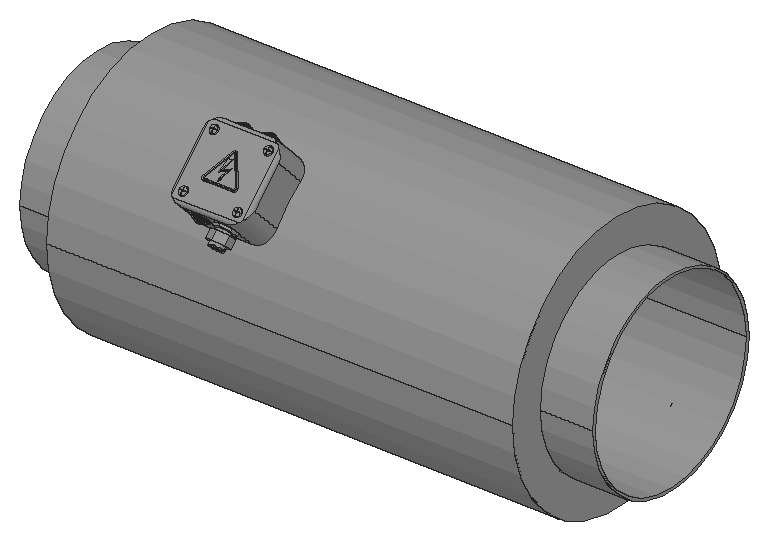
Revit family "Буст-I_ЕС_Eng", category Mechanical Equipment, Revit 2021
Family settings
  Round Connector Dimension = Use Diameter
  Classification = None
  Part Type = Normal
  Work Plane-Based = No
  Always vertical = Yes
  Cut with Voids When Loaded = No
  Shared = No
  Room Calculation Point = No
Parameters (values of type "Boost-I 250")
  Width = b + D1 / 2  # 389 mm
  Weight = 9.50 kg
  Voltage = 230 V
  Sound pressure level at 3 m distance = "45 dBA"
  Pressure_Static_Air [instance] = 0.0 Pa
  Power = 188 W
  Number of Fase = 1
  Maximum Air Flow = 1670.0 m³/h
  Load Classification = "HVAC"
  Length = L  # 739 mm
  Height = D1  # 337 mm
  Frequency = 50 Hz  # constant formula
  Diameter = D  # 250 mm
  Default Elevation = 0 mm
  Manufacturer = "Vents"  # constant formula
  d1 = D1 / 2 - 11 mm  # 157.5 mm
  b = B - D1 / 2  # 220.5 mm
  Maintenance zone material = none
  URL = "https://ventilation-system.com/series/boost-i"
  L1 = 601 mm  # constant formula
  L = 739 mm  # constant formula
  Dy = D - 5 mm  # 245 mm
  D1 = 337 mm
  Casing Material = Steel, galvanized
  D = 250 mm
  B = 389 mm
  Apparent Load = Amperage * Voltage  # 193.2 VA
  Amperage = 0.84 A
  Air Flow [instance] = 0.0 m³/h
  09_System_Name [instance] = ""
  00_20_Type = "Boost-I 250"
  00_20_Name = "Sound-insulated fan"  # constant formula
  00_20_Manufacturer = "Vents"  # constant formula
Types (9, lengths in mm): name | Width | Weight | Sound pressure level at 3 m distance | Power | Maximum Air Flow | Height | Diameter | d1 | b | URL | Dy | D1 | D | B | Apparent Load | Amperage | 00_20_Type
  (no name) | 389 | 9.50 kg | "45 dBA" | 188 W | 1670.0 m³/h | 337 | 250 | 157.5 | 220.5 | "https://ventilation-system.com/series/boost-i" | 245 | 337 | 250 | 389 | 193.2 VA | 0.84 A | "Boost-I 250"
  Boost-I 150 | 292 | 8.20 kg | "44 dBA" | 113 W | 1110.0 m³/h | 242 | 150 | 110 | 171 | "https://ventilation-system.com/series/boost-i" | 145 | 242 | 150 | 292 | 117.3 VA | 0.51 A | "Boost-I 150"
  Boost-I 315 | 449 | 9.50 kg | "45 dBA" | 188 W | 1670.0 m³/h | 397 | 315 | 187.5 | 250.5 | "https://ventilation-system.com/series/boost-i" | 310 | 397 | 315 | 449 | 193.2 VA | 0.84 A | "Boost-I 315"
  Boost-I 200 | 339 | 8.20 kg | "44 dBA" | 113 W | 1110.0 m³/h | 281 | 200 | 129.5 | 198.5 | "https://ventilation-system.com/series/boost-i" | 195 | 281 | 200 | 339 | 117.3 VA | 0.51 A | "Boost-I 200"
  Boost-I 250 | 389 | 9.50 kg | "45 dBA" | 188 W | 1670.0 m³/h | 337 | 250 | 157.5 | 220.5 | "https://ventilation-system.com/series/boost-i" | 245 | 337 | 250 | 389 | 193.2 VA | 0.84 A | "Boost-I 250"
  Boost-I 150 ЕС | 292 | 8.20 kg | "47 dBA" | 121 W | 1210.0 m³/h | 242 | 150 | 110 | 171 | "https://ventilation-system.com/series/boost-i-ec" | 145 | 242 | 150 | 292 | 220.8 VA | 0.96 A | "Boost-I 150 ЕС"
  Boost-I 200 ЕС | 339 | 8.20 kg | "47 dBA" | 121 W | 1210.0 m³/h | 281 | 200 | 129.5 | 198.5 | "https://ventilation-system.com/series/boost-i-ec" | 195 | 281 | 200 | 339 | 220.8 VA | 0.96 A | "Boost-I 200 ЕС"
  Boost-I 250 ЕС | 389 | 9.50 kg | "48 dBA" | 168 W | 1750.0 m³/h | 337 | 250 | 157.5 | 220.5 | "https://ventilation-system.com/series/boost-i-ec" | 245 | 337 | 250 | 389 | 308.2 VA | 1.34 A | "Boost-I 250 ЕС"
  Boost-I 315 ЕС | 449 | 9.50 kg | "45 dBA" | 168 W | 1750.0 m³/h | 397 | 315 | 187.5 | 250.5 | "https://ventilation-system.com/series/boost-i-ec" | 310 | 397 | 315 | 449 | 308.2 VA | 1.34 A | "Boost-I 315 ЕС"
Reference planes
  plane 1 "По центру (Вперед/Назад)": y = 0
  plane 2: z = 0
  plane 3 "По центру (Влево/Вправо)": x = 0
Forms (mm)
  Extrusion 1, solid, material "Steel, galvanized" <- "Casing Material"
    sketch origin (0, 0, 0) x (0, 1, 0) y (0, 0, 1)
      loop
        circle (0, 0) r 125
      loop
        circle (0, 0) r 122.5
    from -369.5 to 369.5
  Extrusion 2, solid, material "Steel, galvanized" <- "Casing Material"
    sketch origin (0, 0, 0) x (0, 1, 0) y (0, 0, 1)
      loop
        circle (0, 0) r 125
      loop
        circle (0, 0) r 168.5
    from -300.5 to 300.5
Dimensions and locks
  equal spacing: Extrusion 1, plane 3 "По центру (Влево/Вправо)", Extrusion 1
  "L": Extrusion 1 to Extrusion 1
  equal spacing: Extrusion 2, plane 3 "По центру (Влево/Вправо)", Extrusion 2
  "L1": Extrusion 2 to Extrusion 2
  locked: nested 2 to plane 3 "По центру (Влево/Вправо)" at 80
  "b": nested 2 to plane 1 "По центру (Вперед/Назад)"
  "D": diameter of Extrusion 1 sketch curve
  "Dy": diameter of Extrusion 1 sketch curve
  "D": diameter of Extrusion 2 sketch curve
  "D1": diameter of Extrusion 2 sketch curve
  aligned and locked: level to plane 2
  aligned and locked: nested 1 to plane 3 "По центру (Влево/Вправо)"
  aligned and locked: level to nested 1
  aligned and locked: plane 1 "По центру (Вперед/Назад)" to nested 1
Automatic sketch dimensions
  Extrusion 1 sketch curve to Extrusion 1 sketch curve = 0 mm  (x2)
  Extrusion 1 sketch curve to level = 0 mm
  Extrusion 1 sketch curve to plane 1 "По центру (Вперед/Назад)" = 0 mm
  Extrusion 2 sketch curve to Extrusion 2 sketch curve = 0 mm  (x2)
  Extrusion 2 sketch curve to level = 0 mm
  Extrusion 2 sketch curve to plane 1 "По центру (Вперед/Назад)" = 0 mm
Nested families
  nested 1: "Fan" at (0, 0, 0) x (0, 0, 1) z (-1, 0, 0), type "Fan"
    with r1 38.833 mm, r 40.833 mm, n 19, R 122.5 mm, Dy 245 mm
  nested 2: "Electrical box" at (-80, -124.756, 124.853) x (1, 0, 0) z (0, -0.7071, 0.7071), type "100х100"
Connectors
  hvac at (369.5, 0, 0), driven by "D"
    settings: on Extrusion 1, index 1, duct flow 0.0 m³/h, flow factor 0, pres drop 0.0 Pa, loss coef 0, conn angle 0.00°, conn width 304.8 mm, conn height 304.8 mm, conn diameter 250 mm, duct sys type 1, conn prof type 0, flow config 0, flow direction 2, loss method 0, conn ref index -1, conn util no, is conn primary yes, conn desc ""
  hvac at (-369.5, 0, 0), driven by "D"
    settings: on Extrusion 1, index 2, duct flow 0.0 m³/h, flow factor 0, pres drop 0.0 Pa, loss coef 0, conn angle 0.00°, conn width 304.8 mm, conn height 304.8 mm, conn diameter 250 mm, duct sys type 1, conn prof type 0, flow config 0, flow direction 1, loss method 0, conn ref index -1, conn util no, is conn primary no, conn desc ""
  electrical at (-63.333, -104.603, 175.411), driven by "Voltage", driven by "Apparent Load"
    settings: on nested 2, index 3, voltage 230 V, apparent load 0 VA, apparent load phase1 193.2 VA, apparent load phase2 0 VA, apparent load phase3 0 VA, power factor 1, load classification "Мощность", number of poles 1, system type 31, power factor state 1, is connector primary yes, connector utility no, sub classification motor no, connector description ""
Definition of nested family "Fan"
  Parameters (values of type "Вентилятор")
    Default Elevation = 0 mm
    r1 = r - 2 mm  # 22.167 mm
    r = Dy / 6  # 24.167 mm
    n = Dy / 13 mm  # 11
    R = Dy / 2  # 72.5 mm
    Dy = 145 mm
  Reference planes
    plane 1 "По центру (Вперед/Назад)": y = 0
    plane 2: z = 0
    plane 3 "По центру (Влево/Вправо)": x = 0
  Forms (mm)
    Extrusion 1, solid
      sketch origin (5, 0, 0) x (1, 0, 0) y (0, 0, 1)
        loop
          arc (-1.417, 0) -> (-5.784, 15.673) -> (-3.327, 31.756) r 38.725
          arc (-3.327, 31.756) -> (-13.26, 17.281) -> (-10.167, 0) r 23.13
          line (-10.167, 0) -> (-1.417, 0)
      from 22.167 <- "r1" to 72.5 <- "R"
    Extrusion 2, solid
      sketch origin (4.206, -2.703, 0) x (0.841254, -0.540641, 0) y (0, 0, 1)
        loop
          arc (-1.417, 0) -> (-5.784, 15.673) -> (-3.327, 31.756) r 38.725
          arc (-3.327, 31.756) -> (-13.26, 17.281) -> (-10.167, 0) r 23.13
          line (-10.167, 0) -> (-1.417, 0)
      from 22.167 <- "r1" to 72.5 <- "R"
    Extrusion 3, solid
      sketch origin (4.206, 2.703, 0) x (0.841254, 0.540641, 0) y (0, 0, 1)
        loop
          arc (-1.417, 0) -> (-5.784, 15.673) -> (-3.327, 31.756) r 38.725
          arc (-3.327, 31.756) -> (-13.26, 17.281) -> (-10.167, 0) r 23.13
          line (-10.167, 0) -> (-1.417, 0)
      from 22.167 <- "r1" to 72.5 <- "R"
    Extrusion 4, solid
      sketch origin (2.077, 4.548, 0) x (0.415415, 0.909632, 0) y (0, 0, 1)
        loop
          arc (-1.417, 0) -> (-5.784, 15.673) -> (-3.327, 31.756) r 38.725
          arc (-3.327, 31.756) -> (-13.26, 17.281) -> (-10.167, 0) r 23.13
          line (-10.167, 0) -> (-1.417, 0)
      from 22.167 <- "r1" to 72.5 <- "R"
    Extrusion 5, solid
      sketch origin (-0.712, 4.949, 0) x (-0.142315, 0.989821, 0) y (0, 0, 1)
        loop
          arc (-1.417, 0) -> (-5.784, 15.673) -> (-3.327, 31.756) r 38.725
          arc (-3.327, 31.756) -> (-13.26, 17.281) -> (-10.167, 0) r 23.13
          line (-10.167, 0) -> (-1.417, 0)
      from 22.167 <- "r1" to 72.5 <- "R"
    Extrusion 6, solid
      sketch origin (-3.274, 3.779, 0) x (-0.654861, 0.75575, 0) y (0, 0, 1)
        loop
          arc (-1.417, 0) -> (-5.784, 15.673) -> (-3.327, 31.756) r 38.725
          arc (-3.327, 31.756) -> (-13.26, 17.281) -> (-10.167, 0) r 23.13
          line (-10.167, 0) -> (-1.417, 0)
      from 22.167 <- "r1" to 72.5 <- "R"
    Extrusion 7, solid
      sketch origin (-4.797, 1.409, 0) x (-0.959493, 0.281733, 0) y (0, 0, 1)
        loop
          arc (-1.417, 0) -> (-5.784, 15.673) -> (-3.327, 31.756) r 38.725
          arc (-3.327, 31.756) -> (-13.26, 17.281) -> (-10.167, 0) r 23.13
          line (-10.167, 0) -> (-1.417, 0)
      from 22.167 <- "r1" to 72.5 <- "R"
    Extrusion 8, solid
      sketch origin (-4.797, -1.409, 0) x (-0.959493, -0.281733, 0) y (0, 0, 1)
        loop
          arc (-1.417, 0) -> (-5.784, 15.673) -> (-3.327, 31.756) r 38.725
          arc (-3.327, 31.756) -> (-13.26, 17.281) -> (-10.167, 0) r 23.13
          line (-10.167, 0) -> (-1.417, 0)
      from 22.167 <- "r1" to 72.5 <- "R"
    Revolve 9, solid
      sketch origin (0, 0, 0) x (1, 0, 0) y (0, 0, 1)
        loop
          line (0, 0) -> (24.167, 0) -> (24.167, 39.154)
          arc (24.167, 39.154) -> (12.314, 42.585) -> (0, 43.38) r 56.926
          line (0, 43.38) -> (0, 0)
        axis (0, 43.38) -> (0, 0)
      angle from 0 to 360
    Extrusion 10, solid
      sketch origin (-3.274, -3.779, 0) x (-0.654861, -0.75575, 0) y (0, 0, 1)
        loop
          arc (-1.417, 0) -> (-5.784, 15.673) -> (-3.327, 31.756) r 38.725
          arc (-3.327, 31.756) -> (-13.26, 17.281) -> (-10.167, 0) r 23.13
          line (-10.167, 0) -> (-1.417, 0)
      from 22.167 <- "r1" to 72.5 <- "R"
    Extrusion 11, solid
      sketch origin (-0.712, -4.949, 0) x (-0.142315, -0.989821, 0) y (0, 0, 1)
        loop
          arc (-1.417, 0) -> (-5.784, 15.673) -> (-3.327, 31.756) r 38.725
          arc (-3.327, 31.756) -> (-13.26, 17.281) -> (-10.167, 0) r 23.13
          line (-10.167, 0) -> (-1.417, 0)
      from 22.167 <- "r1" to 72.5 <- "R"
    Extrusion 12, solid
      sketch origin (2.077, -4.548, 0) x (0.415415, -0.909632, 0) y (0, 0, 1)
        loop
          arc (-1.417, 0) -> (-5.784, 15.673) -> (-3.327, 31.756) r 38.725
          arc (-3.327, 31.756) -> (-13.26, 17.281) -> (-10.167, 0) r 23.13
          line (-10.167, 0) -> (-1.417, 0)
      from 22.167 <- "r1" to 72.5 <- "R"
  Dimensions and locks
    "r": Revolve 9 sketch curve to plane 3 "По центру (Влево/Вправо)"
    aligned and locked: level to plane 2
  Automatic sketch dimensions
    Extrusion 1 sketch curve to Extrusion 1 sketch curve = 8.75 mm
    Extrusion 1 sketch curve to Extrusion 1 sketch curve = 10.768 mm
    Extrusion 1 sketch curve to Extrusion 1 sketch curve = 23.52 mm
    Extrusion 1 sketch curve to Extrusion 1 sketch curve = 12.411 mm
    Extrusion 1 sketch curve to Extrusion 1 sketch curve = 5.588 mm
    Extrusion 2 sketch curve to Extrusion 2 sketch curve = 8.75 mm
    Extrusion 2 sketch curve to Extrusion 2 sketch curve = 10.768 mm
    Extrusion 2 sketch curve to Extrusion 2 sketch curve = 23.52 mm
    Extrusion 2 sketch curve to Extrusion 2 sketch curve = 12.411 mm
    Extrusion 2 sketch curve to Extrusion 2 sketch curve = 5.588 mm
    Extrusion 3 sketch curve to Extrusion 3 sketch curve = 8.75 mm
    Extrusion 3 sketch curve to Extrusion 3 sketch curve = 10.768 mm
    Extrusion 3 sketch curve to Extrusion 3 sketch curve = 23.52 mm
    Extrusion 3 sketch curve to Extrusion 3 sketch curve = 12.411 mm
    Extrusion 3 sketch curve to Extrusion 3 sketch curve = 5.588 mm
    Extrusion 4 sketch curve to Extrusion 4 sketch curve = 8.75 mm
    Extrusion 4 sketch curve to Extrusion 4 sketch curve = 10.768 mm
    Extrusion 4 sketch curve to Extrusion 4 sketch curve = 23.52 mm
    Extrusion 4 sketch curve to Extrusion 4 sketch curve = 12.411 mm
    Extrusion 4 sketch curve to Extrusion 4 sketch curve = 5.588 mm
    Extrusion 5 sketch curve to Extrusion 5 sketch curve = 8.75 mm
    Extrusion 5 sketch curve to Extrusion 5 sketch curve = 10.768 mm
    Extrusion 5 sketch curve to Extrusion 5 sketch curve = 23.52 mm
    Extrusion 5 sketch curve to Extrusion 5 sketch curve = 12.411 mm
    Extrusion 5 sketch curve to Extrusion 5 sketch curve = 5.588 mm
    Extrusion 6 sketch curve to Extrusion 6 sketch curve = 8.75 mm
    Extrusion 6 sketch curve to Extrusion 6 sketch curve = 10.768 mm
    Extrusion 6 sketch curve to Extrusion 6 sketch curve = 23.52 mm
    Extrusion 6 sketch curve to Extrusion 6 sketch curve = 12.411 mm
    Extrusion 6 sketch curve to Extrusion 6 sketch curve = 5.588 mm
    Extrusion 7 sketch curve to Extrusion 7 sketch curve = 8.75 mm
    Extrusion 7 sketch curve to Extrusion 7 sketch curve = 10.768 mm
    Extrusion 7 sketch curve to Extrusion 7 sketch curve = 23.52 mm
    Extrusion 7 sketch curve to Extrusion 7 sketch curve = 12.411 mm
    Extrusion 7 sketch curve to Extrusion 7 sketch curve = 5.588 mm
    Extrusion 8 sketch curve to Extrusion 8 sketch curve = 8.75 mm
    Extrusion 8 sketch curve to Extrusion 8 sketch curve = 10.768 mm
    Extrusion 8 sketch curve to Extrusion 8 sketch curve = 23.52 mm
    Extrusion 8 sketch curve to Extrusion 8 sketch curve = 12.411 mm
    Extrusion 8 sketch curve to Extrusion 8 sketch curve = 5.588 mm
    Extrusion 10 sketch curve to Extrusion 10 sketch curve = 8.75 mm
    Extrusion 10 sketch curve to Extrusion 10 sketch curve = 10.768 mm
    Extrusion 10 sketch curve to Extrusion 10 sketch curve = 23.52 mm
    Extrusion 10 sketch curve to Extrusion 10 sketch curve = 12.411 mm
    Extrusion 10 sketch curve to Extrusion 10 sketch curve = 5.588 mm
    Extrusion 11 sketch curve to Extrusion 11 sketch curve = 8.75 mm
    Extrusion 11 sketch curve to Extrusion 11 sketch curve = 10.768 mm
    Extrusion 11 sketch curve to Extrusion 11 sketch curve = 23.52 mm
    Extrusion 11 sketch curve to Extrusion 11 sketch curve = 12.411 mm
    Extrusion 11 sketch curve to Extrusion 11 sketch curve = 5.588 mm
    Extrusion 12 sketch curve to Extrusion 12 sketch curve = 8.75 mm
    Extrusion 12 sketch curve to Extrusion 12 sketch curve = 10.768 mm
    Extrusion 12 sketch curve to Extrusion 12 sketch curve = 23.52 mm
    Extrusion 12 sketch curve to Extrusion 12 sketch curve = 12.411 mm
    Extrusion 12 sketch curve to Extrusion 12 sketch curve = 5.588 mm
    Revolve 9 sketch curve to level = 0 mm
    Revolve 9 sketch curve to plane 3 "По центру (Влево/Вправо)" = 0 mm  (x2)
    plane 3 "По центру (Влево/Вправо)" to Revolve 9 sketch curve = 2.509 mm
    Revolve 9 sketch curve to level = 13.49 mm
    level to Revolve 9 sketch curve = 39.154 mm
    Revolve 9 sketch curve to Revolve 9 sketch curve = 17.198 mm
    Revolve 9 sketch curve to Revolve 9 sketch curve = 5 mm
Definition of nested family "Electrical box"
  Parameters (values of type "100х100")
    Ш1 = Ш / 2 - 15 mm  # 35 mm
    Ш = 100 mm
    Default Elevation = 0 mm
    Д1 = Д / 2 - 15 mm  # 35 mm
    Д = 100 mm
    Л = Д / 6  # 16.667 mm
    h = H / 2  # 21.5 mm
    H = 43 mm
  Reference planes
    plane 1 "По центру (Вперед/Назад)": y = 0
    plane 2: z = 0
    plane 3 "По центру (Влево/Вправо)": x = 0
  Forms (mm)
    Extrusion 1, solid
      sketch origin (0, 0, 0) x (1, 0, 0) y (0, 1, 0)
        loop
          arc (-27, 50) -> (-43.263, 43.263) -> (-50, 27) r 23
          line (-50, 27) -> (-50, -30)
          arc (-50, -30) -> (-44.142, -44.142) -> (-30, -50) r 20
          line (-30, -50) -> (27, -50)
          arc (27, -50) -> (43.263, -43.263) -> (50, -27) r 23
          line (50, -27) -> (50, 27)
          arc (50, 27) -> (43.263, 43.263) -> (27, 50) r 23
          line (27, 50) -> (-27, 50)
      from -23.5 to 43 <- "H"
    Sweep 2, void
      path in 3D
        loop
          line (-50, 50, 43) -> (-50, -50, 43) -> (50, -50, 43) -> (50, 50, 43) -> (-50, 50, 43)
      profile origin (0, 50, 43) x (0, -1, 0) y (0, 0, 1)
        loop
          line (5, 0) -> (0, 0) -> (0, -5)
          arc (0, -5) -> (1.464, -1.464) -> (5, 0) r 5
    Extrusion 3, void
      sketch origin (0, 0, 0) x (1, 0, 0) y (0, 0, 1)
        loop
          circle (16.667, 21.5) r 10
        loop
          circle (-16.667, 21.5) r 10
      from 45 to 50
    Extrusion 4, void
      sketch origin (0, 0, 0) x (1, 0, 0) y (0, 0, 1)
        loop
          circle (16.667, 21.5) r 10
        loop
          circle (-16.667, 21.5) r 10
      from -50 to -45
  Cuts and joins
    Sweep 2, Extrusion 3, Extrusion 4 cuts Extrusion 1
  Lines and regions (mm)
    sketch lines
      curve 1: line (50, 50, 43) -> (-50, 50, 43)
      curve 2: line (50, -50, 43) -> (50, 50, 43)
      curve 3: line (-50, -50, 43) -> (50, -50, 43)
      curve 4: line (-50, 50, 43) -> (-50, -50, 43)
  Dimensions and locks
    "Д": Extrusion 1 sketch curve to Extrusion 1 sketch curve
    "Ш": Extrusion 1 sketch curve to Extrusion 1 sketch curve
    equal spacing: Extrusion 1 sketch curve, plane 3 "По центру (Влево/Вправо)", Extrusion 1 sketch curve
    equal spacing: Extrusion 1 sketch curve, plane 1 "По центру (Вперед/Назад)", Extrusion 1 sketch curve
    "Д1": nested 2 to plane 3 "По центру (Влево/Вправо)"
    "Д1": plane 3 "По центру (Влево/Вправо)" to nested 1
    "Д1": nested 4 to plane 3 "По центру (Влево/Вправо)"
    "Д1": plane 3 "По центру (Влево/Вправо)" to nested 3
    "Ш1": nested 3 to plane 1 "По центру (Вперед/Назад)"
    "Ш1": plane 1 "По центру (Вперед/Назад)" to nested 1
    "Ш1": nested 4 to plane 1 "По центру (Вперед/Назад)"
    "Ш1": plane 1 "По центру (Вперед/Назад)" to nested 2
    "h": level to Extrusion 3 sketch curve  (x2)
    "Л": plane 3 "По центру (Влево/Вправо)" to Extrusion 3 sketch curve
    "Л": Extrusion 3 sketch curve to plane 3 "По центру (Влево/Вправо)"
    "h": level to Extrusion 4 sketch curve  (x2)
    "Л": Extrusion 4 sketch curve to plane 3 "По центру (Влево/Вправо)"
    "Л": plane 3 "По центру (Влево/Вправо)" to Extrusion 4 sketch curve
    "Л": nested 6 to plane 3 "По центру (Влево/Вправо)"
    "Л": nested 5 to plane 3 "По центру (Влево/Вправо)"
    "Л": plane 3 "По центру (Влево/Вправо)" to nested 7
    "Л": plane 3 "По центру (Влево/Вправо)" to nested 9
    radius of Extrusion 4 sketch curve = 10 mm
    aligned and locked: level to plane 2
    aligned and locked: Extrusion 1 to Extrusion 3
    aligned and locked: Sweep 2 to Extrusion 3
    aligned and locked: Extrusion 1 to Extrusion 4
    aligned and locked: Extrusion 4 to Sweep 2
    aligned and locked: cut or joined group of Extrusion 1, Sweep 2, Extrusion 3, Extrusion 4 to nested 5
    aligned and locked: nested 6 to cut or joined group of Extrusion 1, Sweep 2, Extrusion 3, Extrusion 4
    aligned and locked: plane 3 "По центру (Влево/Вправо)" to nested 8
    aligned and locked: nested 9 to cut or joined group of Extrusion 1, Sweep 2, Extrusion 3, Extrusion 4
  Automatic sketch dimensions
    Sweep 2 sketch curve to profile plane = 0 mm  (x2)
    Sweep 2 sketch curve to profile plane = 5 mm
    Extrusion 1 sketch curve to Extrusion 1 sketch curve = 20 mm
    Extrusion 1 sketch curve to plane 3 "По центру (Влево/Вправо)" = 27 mm
    plane 3 "По центру (Влево/Вправо)" to Extrusion 1 sketch curve = 27 mm
    Extrusion 1 sketch curve to Extrusion 1 sketch curve = 23 mm
    radius of Extrusion 3 sketch curve = 10 mm  (x2)
    radius of Extrusion 4 sketch curve = 10 mm
  Nested families
    nested 1: "Винт" at (35, 35, 43), built-in parameter 1001364 <- "H", type "Винт"
    nested 2: "Винт" at (-35, 35, 43), built-in parameter 1001364 <- "H", type "Винт"
    nested 3: "Винт" at (35, -35, 43), built-in parameter 1001364 <- "H", type "Винт"
    nested 4: "Винт" at (-35, -35, 43), built-in parameter 1001364 <- "H", type "Винт"
    nested 5: "Заглушка" at (-16.667, 46, 21.5) x (0, 0, -1) z (0, 1, 0), built-in parameter 1001360 <- "h", type "Заглушка"
    nested 6: "Заглушка" at (-16.667, -46, 21.5) x (0, 0, -1) z (0, -1, 0), built-in parameter 1001360 <- "h", type "Заглушка"
    nested 7: "Заглушка" at (16.667, 46, 21.5) x (0, 0, -1) z (0, 1, 0), built-in parameter 1001360 <- "h", type "Заглушка"
    nested 8: "Электрика" at (0, 3.125, 43), built-in parameter 1001360 <- "H", type "Электрика"
    nested 9: "Штуцер" at (16.667, -50, 21.5) x (1, 0, 0) z (0, -1, 0), built-in parameter 1001360 <- "h", type "24"
  Definition of nested family "Винт"
    Parameters (values of type "Винт")
      Default Elevation = 0 mm
    Reference planes
      plane 1 "По центру (Вперед/Назад)": y = 0
      plane 2: z = 0
      plane 3 "По центру (Влево/Вправо)": x = 0
    Forms (mm)
      Revolve 1, solid
        sketch origin (0, 0, 0) x (1, 0, 0) y (0, 0, 1)
          loop
            line (0, -20) -> (2.5, -20) -> (2.5, 0) -> (5, 0) -> (5, 0.988)
            arc (5, 0.988) -> (2.589, 1.966) -> (0, 2.235) r 9.254
            line (0, 2.235) -> (0, -20)
          axis (0, 2.235) -> (0, -20)
        angle from 0 to 360
      Extrusion 2, void
        sketch origin (0, -0.137, 0) x (1, 0, 0) y (0, 1, 0)
          loop
            line (-0.439, -5.142) -> (0.455, -5.142) -> (0.455, -0.343) -> (5.265, -0.343) -> (5.265, 0.594) -> (0.455, 0.594) -> (0.455, 5.38) -> (-0.439, 5.38) -> (-0.439, 0.594) -> (-5.291, 0.594) -> (-5.291, -0.343) -> (-0.439, -0.343) -> (-0.439, -5.142)
        from 0.988 to 3.071
    Cuts and joins
      Extrusion 2 cuts Revolve 1
    Dimensions and locks
      aligned and locked: level to plane 2
      aligned and locked: Extrusion 2 to Revolve 1
  Definition of nested family "Заглушка"
    Parameters (values of type "Заглушка")
      Default Elevation = 0 mm
    Reference planes
      plane 1 "По центру (Вперед/Назад)": y = 0
      plane 2: z = 0
      plane 3 "По центру (Влево/Вправо)": x = 0
    Forms (mm)
      Extrusion 1, solid
        sketch origin (0, 0, 0) x (1, 0, 0) y (0, 1, 0)
          loop
            circle (0, 0) r 12
        from 4 to 5
      Extrusion 2, solid
        sketch origin (0, 0, 0) x (1, 0, 0) y (0, 1, 0)
          loop
            circle (0, 0) r 10
        from 5 to 6
      Extrusion 3, solid
        sketch origin (0, 0, 0) x (1, 0, 0) y (0, 1, 0)
          loop
            circle (0, 0) r 8
        from 6 to 7
      Extrusion 4, solid
        sketch origin (0, 0, 0) x (1, 0, 0) y (0, 1, 0)
          loop
            circle (0, 0) r 6
        from 7 to 8
      Extrusion 5, solid
        sketch origin (0, 0, 0) x (1, 0, 0) y (0, 1, 0)
          loop
            circle (0, 0) r 4
        from 8 to 9
      Extrusion 6, solid
        sketch origin (0, 0, 0) x (1, 0, 0) y (0, 1, 0)
          loop
            circle (0, 0) r 2
        from 9 to 10
    Dimensions and locks
      aligned and locked: level to plane 2
  Definition of nested family "Электрика"
    Parameters (values of type "Электрика")
      Default Elevation = 0 mm
    Reference planes
      plane 1 "По центру (Вперед/Назад)": y = 0
      plane 2: z = 0
      plane 3 "По центру (Влево/Вправо)": x = 0
    Forms (mm)
      Extrusion 1, solid
        sketch origin (0, -20.999, 0) x (1, 0, 0) y (0, 1, 0)
          loop
            line (0, 0.664) -> (18.543, 0.664)
            arc (18.543, 0.664) -> (21.349, 1.985) -> (22.119, 4.99) r 3.641
            line (22.119, 4.99) -> (2.806, 38.44)
            arc (2.806, 38.44) -> (0, 39.762) -> (-2.806, 38.44) r 3.641
            line (-2.806, 38.44) -> (-22.119, 4.99)
            arc (-22.119, 4.99) -> (-21.349, 1.985) -> (-18.543, 0.664) r 3.641
            line (-18.543, 0.664) -> (0, 0.664)
          loop
            arc (-20.055, 4.565) -> (-19.717, 3.245) -> (-18.484, 2.664) r 1.6
            line (-18.484, 2.664) -> (18.396, 2.664)
            arc (18.396, 2.664) -> (19.729, 3.379) -> (19.87, 4.885) r 1.6
            line (19.87, 4.885) -> (1.2, 37.223)
            arc (1.2, 37.223) -> (0.104, 37.807) -> (-1.079, 37.432) r 1.6
            line (-1.079, 37.432) -> (-20.055, 4.565)
        from 0 to 1
      Extrusion 2, solid
        sketch origin (0, -20.999, 0) x (1, 0, 0) y (0, 1, 0)
          loop
            line (1.519, 30.846) -> (-2.718, 30.846) -> (-7.387, 14.53) -> (2.226, 19.012) -> (-1.819, 8.947) -> (-2.667, 9.352) -> (-2.823, 5.949) -> (-0.273, 8.208) -> (-1.096, 8.601) -> (5.366, 22.132) -> (-4.385, 17.585) -> (1.519, 30.846)
        from 0 to 1
      Extrusion 3, solid
        sketch origin (0, -20.999, 0) x (1, 0, 0) y (0, 1, 0)
          loop
            line (-1.079, 37.432) -> (-20.055, 4.565)
            arc (-20.055, 4.565) -> (-19.717, 3.245) -> (-18.484, 2.664) r 1.6
            line (-18.484, 2.664) -> (18.396, 2.664)
            arc (18.396, 2.664) -> (19.781, 3.464) -> (19.781, 5.064) r 1.6
            line (19.781, 5.064) -> (1.296, 37.092)
            arc (1.296, 37.092) -> (0.185, 37.798) -> (-1.079, 37.432) r 1.6
        from 0 to 0.9
    Dimensions and locks
      aligned and locked: level to plane 2
  Definition of nested family "Штуцер"
    Parameters (values of type "32")
      Default Elevation = 0 mm
      r1 = r / 1.3333  # 12 mm
      r = 16 mm
      h3 = H / 3.2  # 10 mm
      h1 = H / 1.28  # 25 mm
      h4 = H / 6.4  # 5 mm
      H = 32 mm
      A = 2 * r * tan(30.00°)  # 18.475 mm
    Types (3, lengths in mm): name | r1 | r | h3 | h1 | h4 | H | A
      32 | 12 | 16 | 10 | 25 | 5 | 32 | 18.475
      24 | 9 | 12 | 7.5 | 18.75 | 3.75 | 24 | 13.856
      16 | 6 | 8 | 5 | 12.5 | 2.5 | 16 | 9.238
    Reference planes
      plane 1 "По центру (Вперед/Назад)": y = 0
      plane 2: z = 0
      plane 3 "По центру (Влево/Вправо)": x = 0
    Forms (mm)
      Extrusion 1, solid
        sketch origin (-129.783, 0, -1.583) x (-1, 0, 0) y (0, -1, 0)
          loop
            line (-129.783, -18.475) -> (-113.783, -9.238) -> (-113.783, 9.238) -> (-129.783, 18.475) -> (-145.783, 9.238) -> (-145.783, -9.238) -> (-129.783, -18.475)
        from 1.583 to 6.583
      Extrusion 2, solid
        sketch origin (-129.783, 0, 0) x (-1, 0, 0) y (0, -1, 0)
          loop
            circle (-129.783, 0) r 12
        from 5 to 10
      Extrusion 3, solid
        sketch origin (-129.783, 0, 14.25) x (-1, 0, 0) y (0, -1, 0)
          loop
            line (-129.783, -18.475) -> (-113.783, -9.238) -> (-113.783, 9.238) -> (-129.783, 18.475) -> (-145.783, 9.238) -> (-145.783, -9.238) -> (-129.783, -18.475)
        from -4.25 to 10.75
      Revolve 4, solid
        sketch origin (-129.783, 0, -5.678) x (-1, 0, 0) y (0, 0, -1)
          loop
            line (-117.783, -30.678) -> (-129.783, -30.678) -> (-129.783, -37.678) -> (-118.783, -37.678)
            arc (-118.783, -37.678) -> (-118.076, -37.385) -> (-117.783, -36.678) r 1
            line (-117.783, -36.678) -> (-117.783, -30.678)
          axis (-129.783, -37.678) -> (-129.783, -30.678)
        angle from 0 to 360
    Dimensions and locks
      "A": Extrusion 3 sketch curve to Extrusion 3 sketch curve  (x6)
      equal spacing: Extrusion 3 sketch curve, plane 1 "По центру (Вперед/Назад)", Extrusion 3 sketch curve  (x2)
      "A": Extrusion 3 sketch curve to plane 1 "По центру (Вперед/Назад)" to Extrusion 3 sketch curve
      "A": Extrusion 1 sketch curve to Extrusion 1 sketch curve  (x6)
      "A": Extrusion 1 sketch curve to plane 1 "По центру (Вперед/Назад)" to Extrusion 1 sketch curve
      "r1": plane 3 "По центру (Влево/Вправо)" to Revolve 4 sketch curve
      "H": level to Revolve 4 sketch curve
      "h1": level to Extrusion 3
      "h3": level to Extrusion 3
      "h1": level to Revolve 4 sketch curve
      "h3": level to Extrusion 2
      "h4": level to Extrusion 2
      "h4": level to Extrusion 1
      "r1": radius of Extrusion 2 sketch curve
      aligned and locked: level to plane 2
      aligned and locked: Extrusion 1 to Extrusion 2
      aligned and locked: Extrusion 1 to level
      aligned and locked: Extrusion 3 to Extrusion 2
    Automatic sketch dimensions
      Extrusion 1 sketch curve to plane 3 "По центру (Влево/Вправо)" = 0 mm  (x2)
      plane 1 "По центру (Вперед/Назад)" to Extrusion 2 sketch curve = 0 mm
      Extrusion 2 sketch curve to plane 3 "По центру (Влево/Вправо)" = 0 mm
      Extrusion 3 sketch curve to plane 3 "По центру (Влево/Вправо)" = 0 mm
      Revolve 4 sketch curve to plane 3 "По центру (Влево/Вправо)" = 0 mm  (x2)
      Revolve 4 sketch curve to Revolve 4 sketch curve = 1 mm
      level to Revolve 4 sketch curve = 1.702 mm
      Revolve 4 sketch curve to level = 6.18 mm
